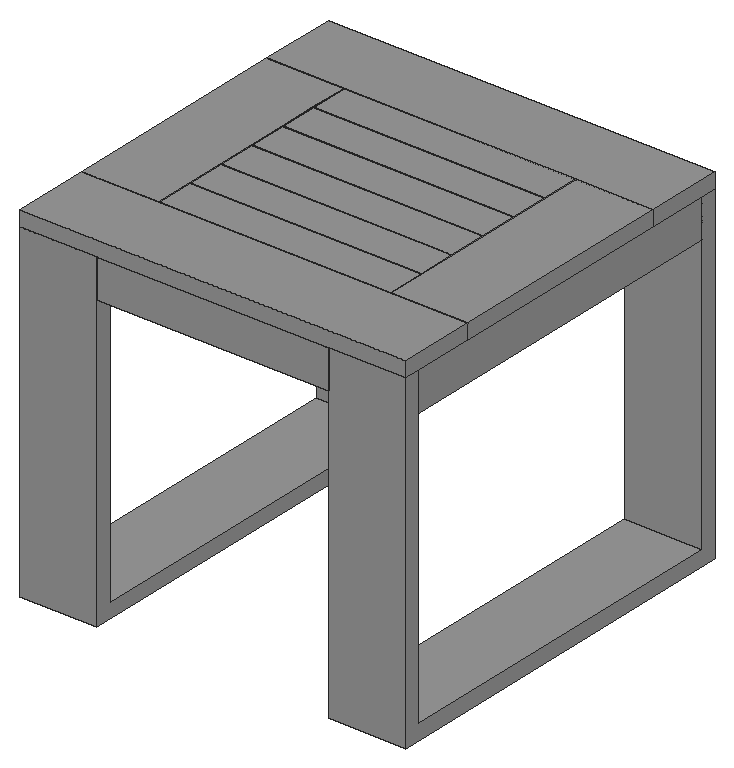
Revit family "16539 Столик журнальный «Меридиан» Хоббика", category Антураж, Revit 2018
Family settings
  На основе рабочей плоскости = Нет
  Всегда вертикально = Да
  При загрузке вырезать с полостями = Нет
  Источник визуального образа = Геометрия семейства
  Общий = Нет
  Точка расчета площади = Нет
Parameters (values of type "Столик журнальный «Меридиан»")
  Ширина = 500 mm  # constant formula
  Цвет каркаса = Дерево
  Описание = "Столик журнальный «Меридиан»"  # constant formula
  Материал изделия = "Дерево"  # constant formula
  Изображение типоразмера = Столик журнальный «Меридиан» Арт 16539.jpg
  Изготовитель = "ООО «Хоббика»"  # constant formula
  Длина = 500 mm  # constant formula
  Группа модели = "Садовые столы"  # constant formula
  Высота = 450 mm  # constant formula
  Артикул товара = "Арт. 16539"  # constant formula
  URL = "https://hobbyka.ru/product/stolik_zhurnalnyy_meridian/"
Reference planes
  plane 1 "По центру (Вперед/Назад)": y = 0
  plane 2: z = 0
  plane 3 "По центру (Влево/Вправо)": x = 0
  plane 4: x = 500
  plane 5: y = 500
  plane 6: z = 450
Forms (mm)
  Extrusion 1, solid, material "Дерево" <- "Цвет каркаса"
    sketch origin (0, 0, 0) x (0, 1, 0) y (0, 0, 1)
      loop
        line (0, 430) -> (0, 0) -> (500, 0) -> (500, 430) -> (480, 430) -> (480, 20) -> (20, 20) -> (20, 430) -> (0, 430)
    from 0 to 100
  Extrusion 2, solid, material "Дерево" <- "Цвет каркаса"
    sketch origin (0, 0, 0) x (0, 1, 0) y (0, 0, 1)
      loop
        line (0, 430) -> (0, 0) -> (500, 0) -> (500, 430) -> (480, 430) -> (480, 20) -> (20, 20) -> (20, 430) -> (0, 430)
    from 400 to 500
  Extrusion 3, solid, material "Дерево" <- "Цвет каркаса"
    sketch origin (0, 0, 0) x (1, 0, 0) y (0, 1, 0)
      loop
        line (0, 100) -> (0, 0) -> (500, 0) -> (500, 100) -> (0, 100)
      loop
        line (0, 500) -> (0, 400) -> (500, 400) -> (500, 500) -> (0, 500)
    from 430 to 450
  Extrusion 4, solid, material "Дерево" <- "Цвет каркаса"
    sketch origin (0, 0, 0) x (1, 0, 0) y (0, 0, 1)
      loop
        line (0, 430) -> (0, 380) -> (20, 380) -> (20, 430) -> (0, 430)
      loop
        line (480, 430) -> (480, 380) -> (500, 380) -> (500, 430) -> (480, 430)
    from -20 to -480
  Extrusion 5, solid, material "Дерево" <- "Цвет каркаса"
    sketch origin (0, 0, 0) x (1, 0, 0) y (0, 1, 0)
      loop
        line (0, 400) -> (0, 100) -> (100, 100) -> (100, 400) -> (0, 400)
      loop
        line (400, 400) -> (400, 100) -> (500, 100) -> (500, 400) -> (400, 400)
    from 430 to 450
  Extrusion 6, solid, material "Дерево" <- "Цвет каркаса"
    sketch origin (0, 0, 0) x (1, 0, 0) y (0, 1, 0)
      loop
        line (100, 400) -> (100, 350) -> (400, 350) -> (400, 400) -> (100, 400)
    from 430 to 450
  Extrusion 7, solid, material "Дерево" <- "Цвет каркаса"
    sketch origin (0, -50, 0) x (1, 0, 0) y (0, 1, 0)
      loop
        line (100, 400) -> (100, 350) -> (400, 350) -> (400, 400) -> (100, 400)
    from 430 to 450
  Extrusion 8, solid, material "Дерево" <- "Цвет каркаса"
    sketch origin (0, -100, 0) x (1, 0, 0) y (0, 1, 0)
      loop
        line (100, 400) -> (100, 350) -> (400, 350) -> (400, 400) -> (100, 400)
    from 430 to 450
  Extrusion 9, solid, material "Дерево" <- "Цвет каркаса"
    sketch origin (0, -150, 0) x (1, 0, 0) y (0, 1, 0)
      loop
        line (100, 400) -> (100, 350) -> (400, 350) -> (400, 400) -> (100, 400)
    from 430 to 450
  Extrusion 10, solid, material "Дерево" <- "Цвет каркаса"
    sketch origin (0, -200, 0) x (1, 0, 0) y (0, 1, 0)
      loop
        line (100, 400) -> (100, 350) -> (400, 350) -> (400, 400) -> (100, 400)
    from 430 to 450
  Extrusion 11, solid, material "Дерево" <- "Цвет каркаса"
    sketch origin (0, -250, 0) x (1, 0, 0) y (0, 1, 0)
      loop
        line (100, 400) -> (100, 350) -> (400, 350) -> (400, 400) -> (100, 400)
    from 430 to 450
  Extrusion 12, solid, material "Дерево" <- "Цвет каркаса"
    sketch origin (0, 0, 0) x (0, 1, 0) y (0, 0, 1)
      loop
        line (500, 430) -> (480, 430) -> (480, 380) -> (500, 380) -> (500, 430)
      loop
        line (0, 430) -> (0, 380) -> (20, 380) -> (20, 430) -> (0, 430)
    from 100 to 400
Dimensions and locks
  "Длина": plane 4 to plane 3 "По центру (Влево/Вправо)"
  "Ширина": plane 5 to plane 1 "По центру (Вперед/Назад)"
  "Высота": plane 6 to plane 2
  aligned and locked: level to plane 2
Automatic sketch dimensions
  Extrusion 1 sketch curve to level = 0 mm
  Extrusion 1 sketch curve to plane 1 "По центру (Вперед/Назад)" = 0 mm
  Extrusion 1 sketch curve to plane 5 = 0 mm
  Extrusion 1 sketch curve to plane 1 "По центру (Вперед/Назад)" = 20 mm
  Extrusion 1 sketch curve to plane 5 = 20 mm
  level to Extrusion 1 sketch curve = 20 mm
  Extrusion 1 sketch curve to plane 6 = 20 mm  (x2)
  Extrusion 2 sketch curve to level = 0 mm
  Extrusion 2 sketch curve to plane 1 "По центру (Вперед/Назад)" = 0 mm
  Extrusion 2 sketch curve to plane 5 = 0 mm
  Extrusion 2 sketch curve to plane 1 "По центру (Вперед/Назад)" = 20 mm
  Extrusion 2 sketch curve to plane 5 = 20 mm
  level to Extrusion 2 sketch curve = 20 mm
  Extrusion 2 sketch curve to plane 6 = 20 mm  (x2)
  Extrusion 3 sketch curve to plane 3 "По центру (Влево/Вправо)" = 0 mm  (x2)
  Extrusion 3 sketch curve to plane 4 = 0 mm  (x2)
  plane 1 "По центру (Вперед/Назад)" to Extrusion 3 sketch curve = 0 mm
  Extrusion 3 sketch curve to plane 5 = 0 mm
  Extrusion 3 sketch curve to plane 1 "По центру (Вперед/Назад)" = 100 mm
  Extrusion 3 sketch curve to plane 5 = 100 mm
  Extrusion 4 sketch curve to plane 3 "По центру (Влево/Вправо)" = 0 mm
  Extrusion 4 sketch curve to plane 4 = 0 mm
  plane 3 "По центру (Влево/Вправо)" to Extrusion 4 sketch curve = 20 mm
  Extrusion 4 sketch curve to Extrusion 4 sketch curve = 20 mm
  Extrusion 4 sketch curve to plane 6 = 70 mm  (x2)
  Extrusion 4 sketch curve to plane 6 = 20 mm  (x2)
  Extrusion 5 sketch curve to plane 3 "По центру (Влево/Вправо)" = 0 mm
  Extrusion 5 sketch curve to plane 4 = 0 mm
  plane 3 "По центру (Влево/Вправо)" to Extrusion 5 sketch curve = 100 mm
  Extrusion 5 sketch curve to Extrusion 5 sketch curve = 100 mm
  Extrusion 5 sketch curve to plane 1 "По центру (Вперед/Назад)" = 100 mm  (x2)
  Extrusion 5 sketch curve to plane 5 = 100 mm  (x2)
  plane 3 "По центру (Влево/Вправо)" to Extrusion 6 sketch curve = 100 mm
  Extrusion 6 sketch curve to plane 4 = 100 mm
  Extrusion 6 sketch curve to plane 5 = 150 mm
  Extrusion 6 sketch curve to Extrusion 6 sketch curve = 50 mm
  plane 3 "По центру (Влево/Вправо)" to Extrusion 7 sketch curve = 100 mm
  Extrusion 7 sketch curve to plane 4 = 100 mm
  Extrusion 7 sketch curve to plane 5 = 200 mm
  Extrusion 7 sketch curve to Extrusion 7 sketch curve = 50 mm
  plane 3 "По центру (Влево/Вправо)" to Extrusion 8 sketch curve = 100 mm
  Extrusion 8 sketch curve to plane 4 = 100 mm
  Extrusion 8 sketch curve to plane 1 "По центру (Вперед/Назад)" = 250 mm
  Extrusion 8 sketch curve to Extrusion 8 sketch curve = 50 mm
  plane 3 "По центру (Влево/Вправо)" to Extrusion 9 sketch curve = 100 mm
  Extrusion 9 sketch curve to plane 4 = 100 mm
  Extrusion 9 sketch curve to plane 1 "По центру (Вперед/Назад)" = 200 mm
  Extrusion 9 sketch curve to Extrusion 9 sketch curve = 50 mm
  plane 3 "По центру (Влево/Вправо)" to Extrusion 10 sketch curve = 100 mm
  Extrusion 10 sketch curve to plane 4 = 100 mm
  Extrusion 10 sketch curve to plane 1 "По центру (Вперед/Назад)" = 150 mm
  Extrusion 10 sketch curve to Extrusion 10 sketch curve = 50 mm
  plane 3 "По центру (Влево/Вправо)" to Extrusion 11 sketch curve = 100 mm
  Extrusion 11 sketch curve to plane 4 = 100 mm
  Extrusion 11 sketch curve to plane 1 "По центру (Вперед/Назад)" = 100 mm
  Extrusion 11 sketch curve to Extrusion 11 sketch curve = 50 mm
  Extrusion 12 sketch curve to plane 1 "По центру (Вперед/Назад)" = 0 mm
  Extrusion 12 sketch curve to plane 5 = 0 mm
  Extrusion 12 sketch curve to plane 1 "По центру (Вперед/Назад)" = 20 mm
  Extrusion 12 sketch curve to Extrusion 12 sketch curve = 20 mm
  Extrusion 12 sketch curve to plane 6 = 70 mm  (x2)
  Extrusion 12 sketch curve to plane 6 = 20 mm  (x2)
